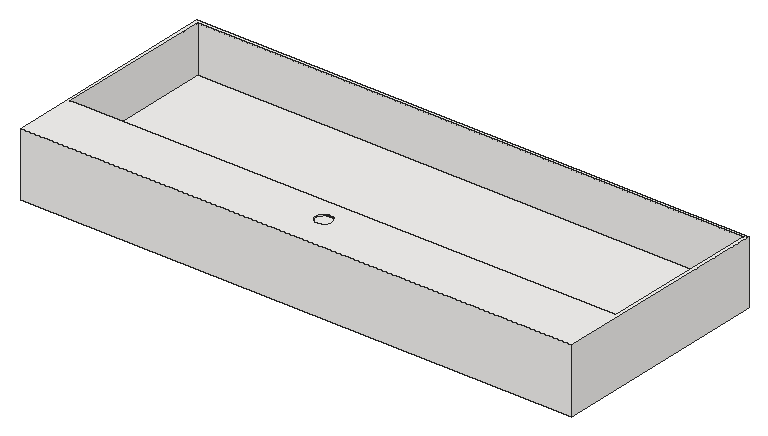
Revit family "Washbasins-hansgrohe-61112XXX-Xevolos E Washbasin 1200_480 with tap hole without overflow, SmartClean", category Plumbing Fixtures, Revit 2019
Family settings
  Round Connector Dimension = Use Diameter
  Part Type = Valve - Breaks Into
  OmniClass Number = 23.31.13.00
  Work Plane-Based = No
  Always vertical = Yes
  Cut with Voids When Loaded = No
  Shared = Yes
  Room Calculation Point = No
Parameters (values of type "61112-61112450-GLOSSY_WHITE-200")
  X2 = 740
  X1 = 280
  WEIGHT = "28"
  UNSPSC = "301815 | Sanitary ware"
  UNIFORMATII = "D2010 | Plumbing Fixtures"
  UNICLASS_2015_CODE = "40_20_96"
  UNICLASS2015 = "Pr_40_20_96 | Wash basins, sinks and troughs"
  TYP = 1
  TAP = 1
  SURFACE = "GLOSSY_WHITE"
  SPECIFICATION = "Surfaces:  - 61112450 White   Specification:  • consists of: washbasin, waste set, cover  • material: ceramic  • SmartClean: dirt-repellent glaze • degree of gloss: glossy  • ceramic cover included • with one tap hole • without overflow • without shelf • non-closing waste set • 1200 x 480 mm • type of installation: wall mounted  • suitable for cabinet"
  REGION = "Worldwide"
  PRODUCTURL = "https://pro.hansgrohe.com/articledetail--61113450"
  PRODUCTGROUP = "Washbasins"
  PRODUCTFAMILY = "Xevolos E"
  PERMALINK = "61112XXX"
  OMNICLASS = "23-31 13 00 | Sinks"
  OBJECTTYPE = "Object (single object)"
  NN = "Xevolos Washbasin"
  NBSYN = "$BASENUMBER.-$ARTNR.-$SURFACE.-$LODLEVEL."
  NB = "61112-61112450-GLOSSY_WHITE-200"
  NAME = "Xevolos E Washbasin 1200/480 with tap hole without overflow, SmartClean"
  Model = "61112-61112450-GLOSSY_WHITE-200"
  Manufacturer = "Hansgrohe"
  MIdent = "{$CADENAS_DATA/23d-libs/hansgrohe/xevolos_washbasin/xevolos_washbasin.prj},222 {VTYP=3D},{NB=61112-61112450-GLOSSY_WHITE-200},{LINA=61112-61112450-GLOSSY_WHITE-200},{NN=Xevolos Washbasin},{DATE=13.03.2023 11:34:45},{GEOMDATE=13.03.2023 11:34:00},{VERSION=},{LINEID=880},{WBVAR=LODLEVEL},{WBNUMERIC=}  {NB=61112-61112450-GLOSSY_WHITE-200},{LINA=61112-61112450-GLOSSY_WHITE-200},{KT=DUMMY},{IDNR=16},{ARTNR=61112450},{BASENUMBER=61112},{MODEL=61112XXX},{SURFACE=GLOSSY_WHITE},{LODLEVEL=200},{LODLEVELX='400','400','200','200'},{L=1200.000},{LI=1000.000},{X1=280.000},{X2=740.000},{DO=46.000},{DOT=35.000},{TAP=1},{TYP=1},{NAME=Xevolos E Washbasin 1200/480 with tap hole without overflow, SmartClean},{PERMALINK=61112XXX},{OBJECTTYPE=Object (single object)},{BIMOBJECT=Sanitary: Wash Basins},{PRODUCTFAMILY=Xevolos E},{PRODUCTGROUP=Washbasins},{WEIGHT=28},{DESCRIPTION=Xevolos E Washbasin 1200/480 with tap hole without overflow, SmartClean},{SPECIFICATION=Surfaces:  - 61112450 White   Specification:  • consists of: washbasin, waste set, cover  • material: ceramic  • SmartClean: dirt-repellent glaze • degree of gloss: glossy  • ceramic cover included • with one tap hole • without overflow • without shelf • non-closing waste set • 1200 x 480 mm • type of installation: wall mounted  • suitable for cabinet},{PRODUCTURL=https://pro.hansgrohe.com/articledetail--61113450},{GTINCODE=4059625421079},{IFC=Sanitary Terminal},{ETIM=EC011550 | Washbasin},{UNICLASS2015=Pr_40_20_96 | Wash basins, sinks and troughs},{OMNICLASS=23-31 13 00 | Sinks},{MASTERFORMAT=22 41 16.13 | Residential Lavatories},{UNSPSC=301815 | Sanitary ware},{UNIFORMATII=D2010 | Plumbing Fixtures},{REGION=Worldwide},{DESIGN=Germany},{MANUFACTURER=Germany}"
  MASTERFORMAT = "22 41 16.13 | Residential Lavatories"
  LODLEVEL = "200"
  LINA = "61112-61112450-GLOSSY_WHITE-200"
  LI = 1000
  L = 1200
  IFC = "Sanitary Terminal"
  GTINCODE = "4059625421079"
  ETIM = "EC011550 | Washbasin"
  DOT = 35
  DO = 46
  DESIGN = "Germany"
  CNSPipeRound/cp_Befestigungsanschluss_V = no
  CNSPipeRound/cp_Ausgang_1_V = no
  CATALOG = "Hansgrohe"
  BIMOBJECT = "Sanitary: Wash Basins"
  BASENUMBER = "61112"
  ARTNR = "61112450"
  61112-61112450-GLOSSY_WHITE-400_RX0RY0RZ0TX0TY0TZ0_V = no
  61112-61112450-GLOSSY_WHITE-200_RX0RY0RZ0TX0TY0TZ0_V = yes
Types (3, lengths in mm): name | NB | Model | MIdent | LODLEVEL | LINA | 61112-61112450-GLOSSY_WHITE-400_RX0RY0RZ0TX0TY0TZ0_V | 61112-61112450-GLOSSY_WHITE-200_RX0RY0RZ0TX0TY0TZ0_V
  (no name) | "61112-61112450-GLOSSY_WHITE-400" | "61112-61112450-GLOSSY_WHITE-400" | "{$CADENAS_DATA/23d-libs/hansgrohe/xevolos_washbasin/xevolos_washbasin.prj},222 {VTYP=3D},{NB=61112-61112450-GLOSSY_WHITE-400},{LINA=61112-61112450-GLOSSY_WHITE-400},{NN=Xevolos Washbasin},{DATE=13.03.2023 11:34:45},{GEOMDATE=13.03.2023 11:34:00},{VERSION=},{LINEID=880},{WBVAR=LODLEVEL},{WBNUMERIC=}  {NB=61112-61112450-GLOSSY_WHITE-400},{LINA=61112-61112450-GLOSSY_WHITE-400},{KT=DUMMY},{IDNR=16},{ARTNR=61112450},{BASENUMBER=61112},{MODEL=61112XXX},{SURFACE=GLOSSY_WHITE},{LODLEVEL=400},{LODLEVELX='400','400','200','200'},{L=1200.000},{LI=1000.000},{X1=280.000},{X2=740.000},{DO=46.000},{DOT=35.000},{TAP=1},{TYP=1},{NAME=Xevolos E Washbasin 1200/480 with tap hole without overflow, SmartClean},{PERMALINK=61112XXX},{OBJECTTYPE=Object (single object)},{BIMOBJECT=Sanitary: Wash Basins},{PRODUCTFAMILY=Xevolos E},{PRODUCTGROUP=Washbasins},{WEIGHT=28},{DESCRIPTION=Xevolos E Washbasin 1200/480 with tap hole without overflow, SmartClean},{SPECIFICATION=Surfaces:  - 61112450 White   Specification:  • consists of: washbasin, waste set, cover  • material: ceramic  • SmartClean: dirt-repellent glaze • degree of gloss: glossy  • ceramic cover included • with one tap hole • without overflow • without shelf • non-closing waste set • 1200 x 480 mm • type of installation: wall mounted  • suitable for cabinet},{PRODUCTURL=https://pro.hansgrohe.com/articledetail--61113450},{GTINCODE=4059625421079},{IFC=Sanitary Terminal},{ETIM=EC011550 | Washbasin},{UNICLASS2015=Pr_40_20_96 | Wash basins, sinks and troughs},{OMNICLASS=23-31 13 00 | Sinks},{MASTERFORMAT=22 41 16.13 | Residential Lavatories},{UNSPSC=301815 | Sanitary ware},{UNIFORMATII=D2010 | Plumbing Fixtures},{REGION=Worldwide},{DESIGN=Germany},{MANUFACTURER=Germany}" | "400" | "61112-61112450-GLOSSY_WHITE-400" | yes | yes
  61112-61112450-GLOSSY_WHITE-200 | "61112-61112450-GLOSSY_WHITE-200" | "61112-61112450-GLOSSY_WHITE-200" | "{$CADENAS_DATA/23d-libs/hansgrohe/xevolos_washbasin/xevolos_washbasin.prj},222 {VTYP=3D},{NB=61112-61112450-GLOSSY_WHITE-200},{LINA=61112-61112450-GLOSSY_WHITE-200},{NN=Xevolos Washbasin},{DATE=13.03.2023 11:34:45},{GEOMDATE=13.03.2023 11:34:00},{VERSION=},{LINEID=880},{WBVAR=LODLEVEL},{WBNUMERIC=}  {NB=61112-61112450-GLOSSY_WHITE-200},{LINA=61112-61112450-GLOSSY_WHITE-200},{KT=DUMMY},{IDNR=16},{ARTNR=61112450},{BASENUMBER=61112},{MODEL=61112XXX},{SURFACE=GLOSSY_WHITE},{LODLEVEL=200},{LODLEVELX='400','400','200','200'},{L=1200.000},{LI=1000.000},{X1=280.000},{X2=740.000},{DO=46.000},{DOT=35.000},{TAP=1},{TYP=1},{NAME=Xevolos E Washbasin 1200/480 with tap hole without overflow, SmartClean},{PERMALINK=61112XXX},{OBJECTTYPE=Object (single object)},{BIMOBJECT=Sanitary: Wash Basins},{PRODUCTFAMILY=Xevolos E},{PRODUCTGROUP=Washbasins},{WEIGHT=28},{DESCRIPTION=Xevolos E Washbasin 1200/480 with tap hole without overflow, SmartClean},{SPECIFICATION=Surfaces:  - 61112450 White   Specification:  • consists of: washbasin, waste set, cover  • material: ceramic  • SmartClean: dirt-repellent glaze • degree of gloss: glossy  • ceramic cover included • with one tap hole • without overflow • without shelf • non-closing waste set • 1200 x 480 mm • type of installation: wall mounted  • suitable for cabinet},{PRODUCTURL=https://pro.hansgrohe.com/articledetail--61113450},{GTINCODE=4059625421079},{IFC=Sanitary Terminal},{ETIM=EC011550 | Washbasin},{UNICLASS2015=Pr_40_20_96 | Wash basins, sinks and troughs},{OMNICLASS=23-31 13 00 | Sinks},{MASTERFORMAT=22 41 16.13 | Residential Lavatories},{UNSPSC=301815 | Sanitary ware},{UNIFORMATII=D2010 | Plumbing Fixtures},{REGION=Worldwide},{DESIGN=Germany},{MANUFACTURER=Germany}" | "200" | "61112-61112450-GLOSSY_WHITE-200" | no | yes
  61112-61112450-GLOSSY_WHITE-400 | "61112-61112450-GLOSSY_WHITE-400" | "61112-61112450-GLOSSY_WHITE-400" | "{$CADENAS_DATA/23d-libs/hansgrohe/xevolos_washbasin/xevolos_washbasin.prj},222 {VTYP=3D},{NB=61112-61112450-GLOSSY_WHITE-400},{LINA=61112-61112450-GLOSSY_WHITE-400},{NN=Xevolos Washbasin},{DATE=13.03.2023 11:34:45},{GEOMDATE=13.03.2023 11:34:00},{VERSION=},{LINEID=880},{WBVAR=LODLEVEL},{WBNUMERIC=}  {NB=61112-61112450-GLOSSY_WHITE-400},{LINA=61112-61112450-GLOSSY_WHITE-400},{KT=DUMMY},{IDNR=16},{ARTNR=61112450},{BASENUMBER=61112},{MODEL=61112XXX},{SURFACE=GLOSSY_WHITE},{LODLEVEL=400},{LODLEVELX='400','400','200','200'},{L=1200.000},{LI=1000.000},{X1=280.000},{X2=740.000},{DO=46.000},{DOT=35.000},{TAP=1},{TYP=1},{NAME=Xevolos E Washbasin 1200/480 with tap hole without overflow, SmartClean},{PERMALINK=61112XXX},{OBJECTTYPE=Object (single object)},{BIMOBJECT=Sanitary: Wash Basins},{PRODUCTFAMILY=Xevolos E},{PRODUCTGROUP=Washbasins},{WEIGHT=28},{DESCRIPTION=Xevolos E Washbasin 1200/480 with tap hole without overflow, SmartClean},{SPECIFICATION=Surfaces:  - 61112450 White   Specification:  • consists of: washbasin, waste set, cover  • material: ceramic  • SmartClean: dirt-repellent glaze • degree of gloss: glossy  • ceramic cover included • with one tap hole • without overflow • without shelf • non-closing waste set • 1200 x 480 mm • type of installation: wall mounted  • suitable for cabinet},{PRODUCTURL=https://pro.hansgrohe.com/articledetail--61113450},{GTINCODE=4059625421079},{IFC=Sanitary Terminal},{ETIM=EC011550 | Washbasin},{UNICLASS2015=Pr_40_20_96 | Wash basins, sinks and troughs},{OMNICLASS=23-31 13 00 | Sinks},{MASTERFORMAT=22 41 16.13 | Residential Lavatories},{UNSPSC=301815 | Sanitary ware},{UNIFORMATII=D2010 | Plumbing Fixtures},{REGION=Worldwide},{DESIGN=Germany},{MANUFACTURER=Germany}" | "400" | "61112-61112450-GLOSSY_WHITE-400" | yes | no
Reference planes
  plane 1 "Center (Front/Back)": y = 0
  plane 2: z = 0
  plane 3 "Center (Left/Right)": x = 0
Dimensions and locks
  aligned and locked: level to plane 2
Nested families
  nested 1: "61112-61112450-glossy_white-200_content" at (0, 0, 0), visible <- "61112-61112450-GLOSSY_WHITE-200_RX0RY0RZ0TX0TY0TZ0_V", ContentVisible <- "61112-61112450-GLOSSY_WHITE-200_RX0RY0RZ0TX0TY0TZ0_V", type "61112-61112450-GLOSSY_WHITE-200_Content"
    with ContentVisible yes
  nested 2: "61112-61112450-glossy_white-400_content" at (0, 0, 0), visible <- "61112-61112450-GLOSSY_WHITE-400_RX0RY0RZ0TX0TY0TZ0_V", ContentVisible <- "61112-61112450-GLOSSY_WHITE-400_RX0RY0RZ0TX0TY0TZ0_V", type "61112-61112450-GLOSSY_WHITE-400_Content"
    with ContentVisible no
  nested 3: "ConnectorHost2019" at (0, -220, 0), visible <- "CNSPipeRound/cp_Ausgang_1_V", type "ConnectorHost2019"
    with Visible no, TransZ 0 mm, TransY 220 mm, TransX 0 mm, ScaleZ 1 mm, ScaleY 1 mm, ScaleX 1 mm, RotZ 180.00°, RotY 360.00°, RotX 180.00°
  nested 4: "ConnectorHost2019" at (-1, -220, 0), visible <- "CNSPipeRound/cp_Befestigungsanschluss_V", type "ConnectorHost2019"
    with Visible no, TransZ 147 mm, TransY 0 mm, TransX 1 mm, ScaleZ 1 mm, ScaleY 1 mm, ScaleX 1 mm, RotZ 180.00°, RotY 360.00°, RotX 360.00°
Connectors
  piping at (0, 0, 0), diameter 46
    settings: on nested 3, index 1, connector inside diameter 609.6 mm, connector length 0 mm, flow factor 0, pipe flow 0.0 L/s, pressure drop 0.0 Pa, fitting loss kfactor 0, connector angle 0.00°, fixture units 0, engagement length 0 mm, angle of deflection 0.00°, flow configuration 0, flow direction 2, fitting loss method 0, system type 29, joint type 0, gender type 0, connector reference index -1, connector utility 0, adjustable connector no, is connector primary yes, connector description ""
  piping at (0, -220, 147), diameter 35
    settings: on nested 4, index 2, connector inside diameter 609.6 mm, connector length 0 mm, flow factor 0, pipe flow 0.0 L/s, pressure drop 0.0 Pa, fitting loss kfactor 0, connector angle 0.00°, fixture units 0, engagement length 0 mm, angle of deflection 0.00°, flow configuration 0, flow direction 2, fitting loss method 0, system type 29, joint type 0, gender type 0, connector reference index -1, connector utility 0, adjustable connector no, is connector primary no, connector description ""
Definition of nested family "61112-61112450-glossy_white-200_content"
  Parameters (values of type "61112-61112450-GLOSSY_WHITE-200_Content")
    X2 = 740
    X1 = 280
    WEIGHT = "28"
    UNSPSC = "301815 | Sanitary ware"
    UNIFORMATII = "D2010 | Plumbing Fixtures"
    UNICLASS_2015_CODE = "40_20_96"
    UNICLASS2015 = "Pr_40_20_96 | Wash basins, sinks and troughs"
    TYP = 1
    TAP = 1
    SURFACE = "GLOSSY_WHITE"
    SPECIFICATION = "Surfaces:  - 61112450 White   Specification:  • consists of: washbasin, waste set, cover  • material: ceramic  • SmartClean: dirt-repellent glaze • degree of gloss: glossy  • ceramic cover included • with one tap hole • without overflow • without shelf • non-closing waste set • 1200 x 480 mm • type of installation: wall mounted  • suitable for cabinet"
    REGION = "Worldwide"
    PRODUCTURL = "https://pro.hansgrohe.com/articledetail--61113450"
    PRODUCTGROUP = "Washbasins"
    PRODUCTFAMILY = "Xevolos E"
    PERMALINK = "61112XXX"
    OMNICLASS = "23-31 13 00 | Sinks"
    OBJECTTYPE = "Object (single object)"
    NN = "Xevolos Washbasin"
    NBSYN = "$BASENUMBER.-$ARTNR.-$SURFACE.-$LODLEVEL."
    NB = "61112-61112450-GLOSSY_WHITE-200"
    NAME = "Xevolos E Washbasin 1200/480 with tap hole without overflow, SmartClean"
    Model = "61112-61112450-GLOSSY_WHITE-200"
    Manufacturer = "Hansgrohe"
    MASTERFORMAT = "22 41 16.13 | Residential Lavatories"
    LODLEVEL = "200"
    LINA = "61112-61112450-GLOSSY_WHITE-200"
    LI = 1000
    L = 1200
    IFC = "Sanitary Terminal"
    GTINCODE = "4059625421079"
    ETIM = "EC011550 | Washbasin"
    Default Elevation = 1219.2 mm
    DOT = 35
    DO = 46
    DESIGN = "Germany"
    ContentVisible [instance] = yes
    CATALOG = "Hansgrohe"
    BIMOBJECT = "Sanitary: Wash Basins"
    BASENUMBER = "61112"
    ARTNR = "61112450"
  Reference planes
    plane 1 "Center (Front/Back)": y = 0
    plane 2: z = 0
    plane 3 "Center (Left/Right)": x = 0
  Forms (mm)
    Extrusion 1, solid, visible <- "ContentVisible", detail levels medium+fine
      sketch origin (0, -295, 147) x (-1, 0, 0) y (0, -1, 0)
        loop
          line (-600, -480) -> (600, -480) -> (600, 0) -> (-600, 0) -> (-600, -480)
      from -140 to 0
    Extrusion 2, void, detail levels medium+fine
      sketch origin (0, -295, 147) x (-1, 0, 0) y (0, -1, 0)
        loop
          line (-594, -126) -> (-594, -474) -> (594, -474) -> (594, -126) -> (-594, -126)
      from -102.5 to 0
    Extrusion 3, void, detail levels medium+fine
      sketch origin (0, -295, 147) x (-1, 0, 0) y (0, -1, 0)
        loop
          circle (0, -75) r 17.5
      from -1.5 to 1.5
    Extrusion 4, solid, visible <- "ContentVisible", detail levels medium+fine
      sketch origin (0, -295, 7) x (-1, 0, 0) y (0, -1, 0)
        loop
          circle (0, -295) r 34
      from -10 to 0
    Extrusion 5, solid, visible <- "ContentVisible", detail levels coarse
      sketch origin (0, -55, -3) x (1, 0, 0) y (0, 1, 0)
        loop
          line (-600, -240) -> (600, -240) -> (600, 240) -> (-600, 240) -> (-600, -240)
      from 0 to 150
  Cuts and joins
    Extrusion 2, Extrusion 3 cuts Extrusion 1
  Dimensions and locks
    aligned and locked: level to plane 2
Definition of nested family "61112-61112450-glossy_white-400_content"
  Parameters (values of type "61112-61112450-GLOSSY_WHITE-400_Content")
    X2 = 740
    X1 = 280
    WEIGHT = "28"
    UNSPSC = "301815 | Sanitary ware"
    UNIFORMATII = "D2010 | Plumbing Fixtures"
    UNICLASS_2015_CODE = "40_20_96"
    UNICLASS2015 = "Pr_40_20_96 | Wash basins, sinks and troughs"
    TYP = 1
    TAP = 1
    SURFACE = "GLOSSY_WHITE"
    SPECIFICATION = "Surfaces:  - 61112450 White   Specification:  • consists of: washbasin, waste set, cover  • material: ceramic  • SmartClean: dirt-repellent glaze • degree of gloss: glossy  • ceramic cover included • with one tap hole • without overflow • without shelf • non-closing waste set • 1200 x 480 mm • type of installation: wall mounted  • suitable for cabinet"
    REGION = "Worldwide"
    PRODUCTURL = "https://pro.hansgrohe.com/articledetail--61113450"
    PRODUCTGROUP = "Washbasins"
    PRODUCTFAMILY = "Xevolos E"
    PERMALINK = "61112XXX"
    OMNICLASS = "23-31 13 00 | Sinks"
    OBJECTTYPE = "Object (single object)"
    NN = "Xevolos Washbasin"
    NBSYN = "$BASENUMBER.-$ARTNR.-$SURFACE.-$LODLEVEL."
    NB = "61112-61112450-GLOSSY_WHITE-400"
    NAME = "Xevolos E Washbasin 1200/480 with tap hole without overflow, SmartClean"
    Model = "61112-61112450-GLOSSY_WHITE-400"
    Manufacturer = "Hansgrohe"
    MASTERFORMAT = "22 41 16.13 | Residential Lavatories"
    LODLEVEL = "400"
    LINA = "61112-61112450-GLOSSY_WHITE-400"
    LI = 1000
    L = 1200
    IFC = "Sanitary Terminal"
    GTINCODE = "4059625421079"
    ETIM = "EC011550 | Washbasin"
    Default Elevation = 1219.2 mm
    DOT = 35
    DO = 46
    DESIGN = "Germany"
    ContentVisible [instance] = yes
    CATALOG = "Hansgrohe"
    BIMOBJECT = "Sanitary: Wash Basins"
    BASENUMBER = "61112"
    ARTNR = "61112450"
  Reference planes
    plane 1 "Center (Front/Back)": y = 0
    plane 2: z = 0
    plane 3 "Center (Left/Right)": x = 0
  Forms (mm)
    Extrusion 1, solid, visible <- "ContentVisible", detail levels medium+fine
      sketch origin (0, -295, 7) x (0, 0, -1) y (0, -1, 0)
        loop
          line (-140, -474) -> (-121, -474) -> (-62.906, -440.46)
          arc (-62.906, -440.46) -> (-37.353, -414.906) -> (-28, -380) r 69.813
          line (-28, -380) -> (-37.5, -380)
          arc (-37.5, -380) -> (-45.58, -410.156) -> (-67.656, -432.232) r 60.313
          line (-67.656, -432.232) -> (-140, -474)
      from -495 to 495
    Revolve 2, solid, visible <- "ContentVisible", detail levels medium+fine
      sketch origin (-495, -295, 7) x (0, 0, -1) y (0, -1, 0)
        loop
          line (-140, -474) -> (-121, -474) -> (-62.906, -440.46)
          arc (-62.906, -440.46) -> (-37.353, -414.906) -> (-28, -380) r 69.813
          line (-28, -380) -> (-37.5, -380)
          arc (-37.5, -380) -> (-45.58, -410.156) -> (-67.656, -432.232) r 60.313
          line (-67.656, -432.232) -> (-140, -474)
        axis (-140, -375) -> (-28, -375)
      angle from -90 to 0
    Extrusion 3, solid, visible <- "ContentVisible", detail levels medium+fine
      sketch origin (0, -70, 7) x (-1, 0, 0) y (0, 0, -1)
        loop
          line (500, -28) -> (500, -37.5)
          arc (500, -37.5) -> (530.156, -45.58) -> (552.232, -67.656) r 60.313
          line (552.232, -67.656) -> (594, -140) -> (594, -121) -> (560.46, -62.906)
          arc (560.46, -62.906) -> (534.906, -37.353) -> (500, -28) r 69.813
      from -150 to 0
    Revolve 4, solid, visible <- "ContentVisible", detail levels medium+fine
      sketch origin (-495, -295, 7) x (0, 0, -1) y (0, -1, 0)
        loop
          line (-140, -126) -> (-67.656, -167.768)
          arc (-67.656, -167.768) -> (-45.58, -189.844) -> (-37.5, -220) r 60.313
          line (-37.5, -220) -> (-28, -220)
          arc (-28, -220) -> (-37.353, -185.094) -> (-62.906, -159.54) r 69.813
          line (-62.906, -159.54) -> (-121, -126) -> (-140, -126)
        axis (-28, -225) -> (-140, -225)
      angle from -90 to 0
    Extrusion 5, solid, visible <- "ContentVisible", detail levels medium+fine
      sketch origin (0, -295, 7) x (0, 0, -1) y (0, -1, 0)
        loop
          line (-140, -126) -> (-67.656, -167.768)
          arc (-67.656, -167.768) -> (-45.58, -189.844) -> (-37.5, -220) r 60.313
          line (-37.5, -220) -> (-28, -220)
          arc (-28, -220) -> (-37.353, -185.094) -> (-62.906, -159.54) r 69.813
          line (-62.906, -159.54) -> (-121, -126) -> (-140, -126)
      from -495 to 495
    Revolve 6, solid, visible <- "ContentVisible", detail levels medium+fine
      sketch origin (495, -295, 7) x (0, 0, -1) y (0, -1, 0)
        loop
          line (-140, -126) -> (-67.656, -167.768)
          arc (-67.656, -167.768) -> (-45.58, -189.844) -> (-37.5, -220) r 60.313
          line (-37.5, -220) -> (-28, -220)
          arc (-28, -220) -> (-37.353, -185.094) -> (-62.906, -159.54) r 69.813
          line (-62.906, -159.54) -> (-121, -126) -> (-140, -126)
        axis (-28, -225) -> (-140, -225)
      angle from 0 to 90
    Extrusion 7, solid, visible <- "ContentVisible", detail levels medium+fine
      sketch origin (0, -70, 7) x (-1, 0, 0) y (0, 0, -1)
        loop
          line (-594, -121) -> (-594, -140) -> (-552.232, -67.656)
          arc (-552.232, -67.656) -> (-530.156, -45.58) -> (-500, -37.5) r 60.313
          line (-500, -37.5) -> (-500, -28)
          arc (-500, -28) -> (-534.906, -37.353) -> (-560.46, -62.906) r 69.813
          line (-560.46, -62.906) -> (-594, -121)
      from -150 to 0
    Revolve 8, solid, visible <- "ContentVisible", detail levels medium+fine
      sketch origin (495, -295, 7) x (0, 0, -1) y (0, -1, 0)
        loop
          line (-140, -474) -> (-121, -474) -> (-62.906, -440.46)
          arc (-62.906, -440.46) -> (-37.353, -414.906) -> (-28, -380) r 69.813
          line (-28, -380) -> (-37.5, -380)
          arc (-37.5, -380) -> (-45.58, -410.156) -> (-67.656, -432.232) r 60.313
          line (-67.656, -432.232) -> (-140, -474)
        axis (-140, -375) -> (-28, -375)
      angle from 0 to 90
    Extrusion 9, solid, visible <- "ContentVisible", detail levels medium+fine
      sketch origin (0, -295, 35) x (-1, 0, 0) y (0, -1, 0)
        loop
          line (-500, -225) -> (-500, -375)
          arc (-500, -375) -> (-498.536, -378.536) -> (-495, -380) r 5
          line (-495, -380) -> (495, -380)
          arc (495, -380) -> (498.536, -378.536) -> (500, -375) r 5
          line (500, -375) -> (500, -225)
          arc (500, -225) -> (498.536, -221.464) -> (495, -220) r 5
          line (495, -220) -> (-495, -220)
          arc (-495, -220) -> (-498.536, -221.464) -> (-500, -225) r 5
        loop
          line (-60, -252.5) -> (-60, -337.5) -> (60, -337.5) -> (60, -252.5) -> (-60, -252.5)
      from 0 to 9.5
    Extrusion 10, solid, visible <- "ContentVisible", detail levels medium+fine
      sketch origin (0, -295, 147) x (-1, 0, 0) y (0, -1, 0)
        loop
          line (-600, -480) -> (600, -480) -> (600, 0) -> (-600, 0) -> (-600, -480)
        loop
          line (-594, -226) -> (-594, -374)
          arc (-594, -374) -> (-564.711, -444.711) -> (-494, -474) r 100
          line (-494, -474) -> (494, -474)
          arc (494, -474) -> (564.711, -444.711) -> (594, -374) r 100
          line (594, -374) -> (594, -226)
          arc (594, -226) -> (564.711, -155.289) -> (494, -126) r 100
          line (494, -126) -> (-494, -126)
          arc (-494, -126) -> (-564.711, -155.289) -> (-594, -226) r 100
      from -13 to 0
    Extrusion 11, solid, visible <- "ContentVisible", detail levels medium+fine
      sketch origin (0, -295, 134) x (-1, 0, 0) y (0, -1, 0)
        loop
          line (-600, -480) -> (600, -480) -> (600, 0) -> (590, 0) -> (590, -470) -> (-590, -470) -> (-590, 0) -> (-600, 0) -> (-600, -480)
      from -127 to 0
    Extrusion 12, solid, visible <- "ContentVisible", detail levels medium+fine
      sketch origin (0, -295, 17) x (-1, 0, 0) y (0, -1, 0)
        loop
          line (-590, -35) -> (-590, -470) -> (590, -470) -> (590, -35) -> (550, -35) -> (550, -380)
          arc (550, -380) -> (535.355, -415.355) -> (500, -430) r 50
          line (500, -430) -> (-500, -430)
          arc (-500, -430) -> (-535.355, -415.355) -> (-550, -380) r 50
          line (-550, -380) -> (-550, -35) -> (-590, -35)
      from 0 to 50
    Extrusion 13, solid, visible <- "ContentVisible", detail levels medium+fine
      sketch origin (0, -295, 7) x (-1, 0, 0) y (0, 0, -1)
        loop
          line (-590, -10) -> (-590, -127) -> (590, -127) -> (590, -10) -> (278.554, -10)
          arc (278.554, -10) -> (272.818, -8.192) -> (269.157, -3.42) r 10
          line (269.157, -3.42) -> (267.395, 1.42)
          arc (267.395, 1.42) -> (263.734, 6.192) -> (257.998, 8) r 10
          line (257.998, 8) -> (65, 8) -> (59.299, -4.226)
          arc (59.299, -4.226) -> (55.609, -8.434) -> (50.236, -10) r 10
          line (50.236, -10) -> (-50.236, -10)
          arc (-50.236, -10) -> (-55.609, -8.434) -> (-59.299, -4.226) r 10
          line (-59.299, -4.226) -> (-65, 8) -> (-257.998, 8)
          arc (-257.998, 8) -> (-263.734, 6.192) -> (-267.395, 1.42) r 10
          line (-267.395, 1.42) -> (-269.157, -3.42)
          arc (-269.157, -3.42) -> (-272.818, -8.192) -> (-278.554, -10) r 10
          line (-278.554, -10) -> (-590, -10)
      from -35 to 0
    Extrusion 14, solid, visible <- "ContentVisible", detail levels medium+fine
      sketch origin (-500, -295, 7) x (0, 0, -1) y (0, -1, 0)
        loop
          line (-127, -35) -> (-127, -127.732) -> (-65.156, -163.437)
          arc (-65.156, -163.437) -> (-41.25, -187.344) -> (-32.5, -220) r 65.313
          line (-32.5, -220) -> (-32.5, -380)
          arc (-32.5, -380) -> (-39.303, -409.023) -> (-58.294, -432) r 65.313
          line (-58.294, -432) -> (-30.544, -432) -> (-10, -40) -> (-10, -35) -> (-127, -35)
      from 0 to 60
    Extrusion 15, solid, visible <- "ContentVisible", detail levels medium+fine
      sketch origin (500, -295, 7) x (0, 0, -1) y (0, -1, 0)
        loop
          line (-127, -35) -> (-127, -127.732) -> (-65.156, -163.437)
          arc (-65.156, -163.437) -> (-41.25, -187.344) -> (-32.5, -220) r 65.313
          line (-32.5, -220) -> (-32.5, -380)
          arc (-32.5, -380) -> (-39.303, -409.023) -> (-58.294, -432) r 65.313
          line (-58.294, -432) -> (-30.544, -432) -> (-10, -40) -> (-10, -35) -> (-127, -35)
      from -60 to 0
    Extrusion 16, solid, visible <- "ContentVisible", detail levels medium+fine
      sketch origin (0, -295, 17) x (-1, 0, 0) y (0, -1, 0)
        loop
          line (-72, -261.5) -> (-72, -328.5)
          arc (-72, -328.5) -> (-65.703, -343.703) -> (-50.5, -350) r 21.5
          line (-50.5, -350) -> (50.5, -350)
          arc (50.5, -350) -> (65.703, -343.703) -> (72, -328.5) r 21.5
          line (72, -328.5) -> (72, -261.5)
          arc (72, -261.5) -> (65.703, -246.297) -> (50.5, -240) r 21.5
          line (50.5, -240) -> (-50.5, -240)
          arc (-50.5, -240) -> (-65.703, -246.297) -> (-72, -261.5) r 21.5
      from 0 to 18
    Revolve 17, solid, visible <- "ContentVisible", detail levels medium+fine
      sketch origin (0, 0, 7) x (-1, 0, 0) y (0, 0, -1)
        loop
          line (23, -4.5) -> (42.5, -27.441) -> (42.5, -10) -> (34, 0) -> (34, 7) -> (23, 7) -> (23, -4.5)
        axis (0, -27.441) -> (0, 7)
      angle from -360 to 0
    Extrusion 18, solid, visible <- "ContentVisible", detail levels medium+fine
      sketch origin (0, -295, -3) x (-1, 0, 0) y (0, -1, 0)
        loop
          circle (0, -295) r 7.5
      from 0 to 41
    Extrusion 19, solid, visible <- "ContentVisible", detail levels medium+fine
      sketch origin (0, -295, 38) x (-1, 0, 0) y (0, -1, 0)
        loop
          circle (0, -295) r 32.5
      from 0 to 2
    Extrusion 20, solid, visible <- "ContentVisible", detail levels medium+fine
      sketch origin (0, 0, 7) x (-1, 0, 0) y (0, 0, -1)
        loop
          arc (-54.85, -33) -> (-57.5, -35.65) -> (-54.85, -38.3) r 2.65
          arc (-54.85, -38.3) -> (0, -43.036) -> (54.85, -38.3) r 320
          arc (54.85, -38.3) -> (57.5, -35.65) -> (54.85, -33) r 2.65
          line (54.85, -33) -> (-54.85, -33)
      from -40 to 40
    Extrusion 21, void, detail levels medium+fine
      sketch origin (0, -295, 133) x (-1, 0, 0) y (0, -1, 0)
        loop
          circle (0, -75) r 17.5
      from 0 to 15
    Extrusion 22, void, detail levels medium+fine
      sketch origin (0, -295, 7) x (-1, 0, 0) y (0, 0, -1)
        loop
          circle (140, -83) r 8
      from -30 to 30
    Extrusion 23, void, detail levels medium+fine
      sketch origin (0, -295, 7) x (-1, 0, 0) y (0, 0, -1)
        loop
          circle (-140, -83) r 8
      from -30 to 30
    Extrusion 24, void, detail levels medium+fine
      sketch origin (0, -295, 7) x (-1, 0, 0) y (0, 0, -1)
        loop
          circle (370, -83) r 8
      from -30 to 30
    Extrusion 25, void, detail levels medium+fine
      sketch origin (0, -295, 7) x (-1, 0, 0) y (0, 0, -1)
        loop
          circle (-370, -83) r 8
      from -30 to 30
    Extrusion 26, solid, visible <- "ContentVisible", detail levels coarse
      sketch origin (0, -55, -3) x (1, 0, 0) y (0, 1, 0)
        loop
          line (-600, -240) -> (600, -240) -> (600, 240) -> (-600, 240) -> (-600, -240)
      from 0 to 150
  Cuts and joins
    Extrusion 21, Extrusion 22, Extrusion 23, Extrusion 24, Extrusion 25 cuts Extrusion 1
    Extrusion 21, Extrusion 22, Extrusion 23, Extrusion 24, Extrusion 25 cuts Revolve 2
    Extrusion 21, Extrusion 22, Extrusion 23, Extrusion 24, Extrusion 25 cuts Extrusion 3
    Extrusion 21, Extrusion 22, Extrusion 23, Extrusion 24, Extrusion 25 cuts Revolve 4
    Extrusion 21, Extrusion 22, Extrusion 23, Extrusion 24, Extrusion 25 cuts Extrusion 5
    Extrusion 21, Extrusion 22, Extrusion 23, Extrusion 24, Extrusion 25 cuts Revolve 6
    Extrusion 21, Extrusion 22, Extrusion 23, Extrusion 24, Extrusion 25 cuts Extrusion 7
    Extrusion 21, Extrusion 22, Extrusion 23, Extrusion 24, Extrusion 25 cuts Revolve 8
    Extrusion 21, Extrusion 22, Extrusion 23, Extrusion 24, Extrusion 25 cuts Extrusion 9
    Extrusion 21, Extrusion 22, Extrusion 23, Extrusion 24, Extrusion 25 cuts Extrusion 10
    Extrusion 21, Extrusion 22, Extrusion 23, Extrusion 24, Extrusion 25 cuts Extrusion 11
    Extrusion 21, Extrusion 22, Extrusion 23, Extrusion 24, Extrusion 25 cuts Extrusion 12
    Extrusion 21, Extrusion 22, Extrusion 23, Extrusion 24, Extrusion 25 cuts Extrusion 13
    Extrusion 21, Extrusion 22, Extrusion 23, Extrusion 24, Extrusion 25 cuts Extrusion 14
    Extrusion 21, Extrusion 22, Extrusion 23, Extrusion 24, Extrusion 25 cuts Extrusion 15
    Extrusion 21, Extrusion 22, Extrusion 23, Extrusion 24, Extrusion 25 cuts Extrusion 16
    Extrusion 21, Extrusion 22, Extrusion 23, Extrusion 24, Extrusion 25 cuts Revolve 17
    Extrusion 21, Extrusion 22, Extrusion 23, Extrusion 24, Extrusion 25 cuts Extrusion 18
    Extrusion 21, Extrusion 22, Extrusion 23, Extrusion 24, Extrusion 25 cuts Extrusion 19
    Extrusion 21, Extrusion 22, Extrusion 23, Extrusion 24, Extrusion 25 cuts Extrusion 20
  Dimensions and locks
    aligned and locked: level to plane 2
